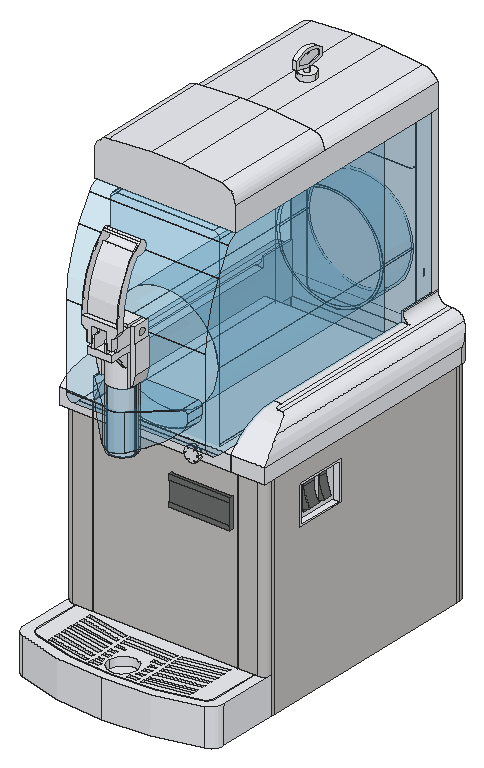
Revit family "QF_ELECTROLUXPROFESSIONAL_560097_SP1NewL", category Specialty Equipment, Revit 2018
Family settings
  Round Connector Dimension = Use Diameter
  Part Type = Normal
  Work Plane-Based = No
  Always vertical = Yes
  Cut with Voids When Loaded = No
  Shared = No
  Room Calculation Point = No
Parameters (values of type "Standard")
  Weight = 28.00 kg
  Watts = 0 W
  Volts = 220 V
  URL Manufacturer = "http://professional.electrolux.com"
  URL = "http://professional.electrolux.com"
  Steam Supply Size = 0 mm
  Steam Supply Minimum Pressure = 0.0 Pa
  Steam Supply Maximum Pressure = 0.0 Pa
  Steam Pounds per Hour = 0
  Refrigeration Suction Line Size = 0 mm
  Refrigeration Liquid Line Size = 0 mm
  Refrigerant Compressor Remote = yes
  Manufacturer = "Electrolux Professional"
  Phase = 1
  Model = "SP1NewL"
  Length Actual = 262 mm  # constant formula
  Item Number = "560097"
  Hot Water Size = 0 mm
  Height Actual = 613 mm  # constant formula
  HP = "0.4 HP"
  Gas Size = 0 mm
  Gas KW = 0
  Gas Input Pressure = 0 W
  Direct Waste Size = 0 mm
  Description = "1x5 LITERS BOWL - FROZEN GRANITA AND FROZEN CREAM DISPENSER -  1 INSULATED BOWL - LED LIGHT"
  Depth Actual = 429 mm  # constant formula
  Cycle = 50 Hz
  Condensate Return Size = 0 mm
  Compressed Air Volume = 0.0 L/s
  Compressed Air Size = 0 mm
  Compressed Air Pressure = 0.0 Pa
  Cold Water Size = 0 mm
  Accessory = yes
Reference planes
  plane 1 "Center (Front/Back)": y = 0
  plane 2 "BASE": z = 0
  plane 3 "Center (Left/Right)": x = 0
  plane 4 "FEET": z = 14
  plane 5 "BACK": y = 212
  plane 6 "LEFT": x = -131
  plane 7 "RIGHT": x = 131
  plane 8: y = 169
  plane 9: y = -118.5
  plane 10 "Erogatore": through (0, -232.305, 334.252) normal (0, -0.5736, 0.8192)
  plane 11: y = -81
  plane 12 "BackButton": z = 362.798
  plane 13 "SlopeBack": through (0, 294.5, 470.764) normal (0, 0.9659, 0.2588)
  plane 14 "TOP": z = 640
  plane 15 "FRONT": y = -216
Forms (mm)
  Extrusion 1, solid, material "QF_Finishes_Rubber Black"
    sketch origin (-29, 0, 0) x (1, 0, 0) y (0, 1, 0)
      loop
        circle (-71, 169) r 12.5
    from 0 to 3
  Blend 2, solid
    base sketch origin (-29, 0, 0) x (1, 0, 0) y (0, 1, 0)
      loop
        circle (-71, 169) r 15.5
    top sketch origin (-29, 0, 0) x (1, 0, 0) y (0, 1, 0)
      loop
        circle (-71, 169) r 17
    from 3 to 14
  Extrusion 3, solid, material "QF_Finishes_Rubber Black"
    sketch origin (171, 0, 0) x (1, 0, 0) y (0, 1, 0)
      loop
        circle (-71, 169) r 12.5
    from 0 to 3
  Blend 4, solid
    base sketch origin (171, 0, 0) x (1, 0, 0) y (0, 1, 0)
      loop
        circle (-71, 169) r 15.5
    top sketch origin (171, 0, 0) x (1, 0, 0) y (0, 1, 0)
      loop
        circle (-71, 169) r 17
    from 3 to 14
  Extrusion 5, solid, material "QF_Finishes_Rubber Black"
    sketch origin (171, -267.5, 0) x (1, 0, 0) y (0, 1, 0)
      loop
        circle (-71, 186.5) r 12.5
    from 0 to 3
  Blend 6, solid
    base sketch origin (171, -267.5, 0) x (1, 0, 0) y (0, 1, 0)
      loop
        circle (-71, 186.5) r 15.5
    top sketch origin (171, -267.5, 0) x (1, 0, 0) y (0, 1, 0)
      loop
        circle (-71, 186.5) r 17
    from 3 to 14
  Extrusion 7, solid, material "QF_Finishes_Rubber Black"
    sketch origin (-29, -267.5, 0) x (1, 0, 0) y (0, 1, 0)
      loop
        circle (-71, 186.5) r 12.5
    from 0 to 3
  Blend 8, solid
    base sketch origin (-29, -267.5, 0) x (1, 0, 0) y (0, 1, 0)
      loop
        circle (-71, 186.5) r 15.5
    top sketch origin (-29, -267.5, 0) x (1, 0, 0) y (0, 1, 0)
      loop
        circle (-71, 186.5) r 17
    from 3 to 14
  Extrusion 9, solid, material "Glass"
    sketch origin (0, 212, 0) x (-1, 0, 0) y (0, 0, 1)
      loop
        circle (0, 394.542) r 65
      loop
        circle (0, 394.542) r 68
    from -59.276 to -10
  Extrusion 10, solid, material "QF_Finishes_White"
    sketch origin (0.189, -212, -123.048) x (-1, 0, 0) y (0, 0, 1)
      loop
        line (41.631, 426.74) -> (42.799, 423.85)
        arc (42.799, 423.85) -> (41.998, 423.46) -> (41.26, 422.962) r 6.382
        line (41.26, 422.962) -> (39.342, 425.418)
        arc (39.342, 425.418) -> (36.964, 422.682) -> (35.784, 419.255) r 9.498
        line (35.784, 419.255) -> (38.87, 418.821)
        arc (38.87, 418.821) -> (38.808, 417.933) -> (38.87, 417.045) r 6.382
        line (38.87, 417.045) -> (35.784, 416.611)
        arc (35.784, 416.611) -> (36.964, 413.184) -> (39.342, 410.449) r 9.498
        line (39.342, 410.449) -> (41.26, 412.904)
        arc (41.26, 412.904) -> (41.998, 412.406) -> (42.799, 412.016) r 6.382
        line (42.799, 412.016) -> (41.631, 409.127)
        arc (41.631, 409.127) -> (45.189, 408.435) -> (48.747, 409.127) r 9.498
        line (48.747, 409.127) -> (47.58, 412.016)
        arc (47.58, 412.016) -> (48.38, 412.406) -> (49.118, 412.904) r 6.382
        line (49.118, 412.904) -> (51.037, 410.449)
        arc (51.037, 410.449) -> (53.415, 413.184) -> (54.595, 416.611) r 9.498
        line (54.595, 416.611) -> (51.509, 417.045)
        arc (51.509, 417.045) -> (51.571, 417.933) -> (51.509, 418.821) r 6.382
        line (51.509, 418.821) -> (54.595, 419.255)
        arc (54.595, 419.255) -> (53.415, 422.682) -> (51.037, 425.418) r 9.498
        line (51.037, 425.418) -> (49.118, 422.962)
        arc (49.118, 422.962) -> (48.38, 423.46) -> (47.58, 423.85) r 6.382
        line (47.58, 423.85) -> (48.747, 426.74)
        arc (48.747, 426.74) -> (45.189, 427.431) -> (41.631, 426.74) r 9.498
    from 86.951 to 91.847
  Extrusion 11, solid, material "QF_Finishes_White"
    sketch origin (0, 48.357, 801) x (-1, 0, 0) y (0, -1, 0)
      loop
        circle (0, 226.958) r 15.5
    from -371.98 to -493
  Extrusion 12, solid, material "Glass"
    sketch origin (0, 48.357, 801) x (-1, 0, 0) y (0, -1, 0)
      loop
        circle (0, 226.958) r 18
      loop
        circle (0, 226.958) r 16
    from -413.102 to -493
  Extrusion 13, solid, material "QF_Finishes_White"
    sketch origin (0, 48.357, 801) x (-1, 0, 0) y (0, -1, 0)
      loop
        arc (-15.227, 216.452) -> (0, 208.458) -> (15.227, 216.452) r 18.5
        line (15.227, 216.452) -> (15.227, 237.464)
        arc (15.227, 237.464) -> (0, 245.458) -> (-15.227, 237.464) r 18.5
        line (-15.227, 237.464) -> (-15.227, 216.452)
    from -371.98 to -413.102
  Extrusion 14, solid, material "QF_Finishes_White"
    sketch origin (0, 55.382, 805.556) x (-1, 0, 0) y (0, -1, 0)
      loop
        line (15.227, 271.382) -> (-15.227, 271.382) -> (-15.227, 213.658) -> (15.227, 213.658) -> (15.227, 271.382)
    from -368.017 to -376.536
  Extrusion 15, solid, material "QF_Finishes_White"
    sketch origin (0, 53.382, -125.444) x (0, 1, 0) y (0, 0, 1)
      loop
        line (-261.382, 594.51) -> (-261.382, 596.294)
        arc (-261.382, 596.294) -> (-255.05, 633.384) -> (-236.771, 666.272) r 111.793
        arc (-236.771, 666.272) -> (-224.219, 671.737) -> (-234.339, 680.956) r 8.155
        arc (-234.339, 680.956) -> (-260.275, 642.108) -> (-269.382, 596.294) r 119.793
        line (-269.382, 596.294) -> (-269.382, 594.51) -> (-261.382, 594.51)
    from 23.02 to -23.02
  Extrusion 16, void
    sketch origin (0, -212, -130.102) x (-1, 0, 0) y (0, 0, 1)
      loop
        line (-23.02, 594.51) -> (-23.02, 567.641) -> (-15.227, 567.641) -> (-15.227, 586.659)
        arc (-15.227, 586.659) -> (-20.449, 589.269) -> (-23.02, 594.51) r 9.122
      loop
        arc (23.02, 594.51) -> (20.449, 589.269) -> (15.227, 586.659) r 9.122
        line (15.227, 586.659) -> (15.227, 567.641) -> (23.02, 567.641) -> (23.02, 594.51)
      loop
        line (-10.018, 592.641) -> (-10.018, 567.641) -> (9.982, 567.641) -> (9.982, 592.641) -> (-10.018, 592.641)
    from 4 to -4
  Extrusion 17, void
    sketch origin (0, 53.382, -125.444) x (0, 1, 0) y (0, 0, 1)
      loop
        arc (-238.506, 676.569) -> (-261.397, 639.298) -> (-269.382, 596.294) r 119.793
        line (-269.382, 596.294) -> (-262.382, 596.294)
        arc (-262.382, 596.294) -> (-255.831, 634.173) -> (-236.94, 667.653) r 112.793
        arc (-236.94, 667.653) -> (-225.218, 674.307) -> (-238.506, 676.569) r 7.155
    from 22 to -22
  Extrusion 18, solid, material "QF_Finishes_White"
    sketch origin (-131, 53.382, -125.444) x (0, 1, 0) y (0, 0, 1)
      loop
        line (-261.382, 596.294) -> (-269.382, 596.294) -> (-269.382, 567.641) -> (-261.382, 567.641) -> (-261.382, 596.294)
    from 154.02 to 107.98
  Extrusion 19, solid, material "QF_Finishes_White"
    sketch origin (-131, 55.382, -130.102) x (0, 1, 0) y (0, 0, 1)
      loop
        line (-263.382, 567.641) -> (-223.382, 567.641) -> (-223.382, 587.641) -> (-256.513, 587.641)
        arc (-256.513, 587.641) -> (-261.37, 589.653) -> (-263.382, 594.51) r 6.869
        line (-263.382, 594.51) -> (-263.382, 567.641)
    from 115.773 to 107.98
  Extrusion 20, solid, material "QF_Finishes_White"
    sketch origin (-131, 55.382, -130.102) x (0, 1, 0) y (0, 0, 1)
      loop
        line (-263.382, 567.641) -> (-224.483, 567.641) -> (-224.483, 587.641) -> (-256.513, 587.641)
        arc (-256.513, 587.641) -> (-261.37, 589.653) -> (-263.382, 594.51) r 6.869
        line (-263.382, 594.51) -> (-263.382, 567.641)
    from 115.773 to 121.018
  Extrusion 21, solid, material "QF_Finishes_White"
    sketch origin (-131, 55.382, -125.444) x (0, 1, 0) y (0, 0, 1)
      loop
        line (-248.575, 539.464) -> (-246.902, 539.464) -> (-246.902, 554.464) -> (-261.615, 554.464) -> (-248.575, 539.464)
    from 115.773 to 118.85
  Extrusion 22, solid, material "QF_Finishes_White"
    sketch origin (-131, 55.382, -125.444) x (0, 1, 0) y (0, 0, 1)
      loop
        line (-246.902, 554.464) -> (-261.615, 554.464) -> (-248.575, 539.464) -> (-246.902, 539.464) -> (-246.902, 554.464)
    from 143.221 to 146.227
  Extrusion 23, solid, material "QF_Finishes_White"
    sketch origin (-131, 55.382, -125.444) x (0, 1, 0) y (0, 0, 1)
      loop
        line (-263.382, 562.983) -> (-224.483, 562.983) -> (-224.483, 582.983) -> (-256.513, 582.983)
        arc (-256.513, 582.983) -> (-261.37, 584.995) -> (-263.382, 589.852) r 6.869
        line (-263.382, 589.852) -> (-263.382, 562.983)
    from 141.018 to 146.227
  Extrusion 24, solid, material "QF_Finishes_White"
    sketch origin (-131, 53.382, -130.102) x (0, 1, 0) y (0, 0, 1)
      loop
        line (-269.382, 567.641) -> (-221.382, 567.641) -> (-221.382, 586.659) -> (-258.382, 586.659)
        arc (-258.382, 586.659) -> (-260.503, 585.78) -> (-261.382, 583.659) r 3
        line (-261.382, 583.659) -> (-261.382, 582.15) -> (-266.382, 582.15)
        arc (-266.382, 582.15) -> (-268.503, 581.271) -> (-269.382, 579.15) r 3
        line (-269.382, 579.15) -> (-269.382, 567.641)
    from 124.546 to 121.018
  Extrusion 25, solid, material "QF_Finishes_White"
    sketch origin (-131, 65.803, -125.444) x (0, 1, 0) y (0, 0, 1)
      loop
        line (-281.803, 562.983) -> (-234.904, 562.983) -> (-234.904, 582.001) -> (-270.803, 582.001)
        arc (-270.803, 582.001) -> (-272.924, 581.122) -> (-273.803, 579.001) r 3
        line (-273.803, 579.001) -> (-273.803, 577.492) -> (-278.803, 577.492)
        arc (-278.803, 577.492) -> (-280.924, 576.613) -> (-281.803, 574.492) r 3
        line (-281.803, 574.492) -> (-281.803, 562.983)
    from 137.49 to 141.018
  Extrusion 26, solid, material "QF_Finishes_White"
    sketch origin (0, -212, -125.444) x (-1, 0, 0) y (0, 0, 1)
      loop
        line (-18, 517.898) -> (-18, 586.659) -> (-23.482, 586.659) -> (-23.482, 567.641) -> (-24.969, 567.641) -> (-24.969, 530.88) -> (-21, 517.898) -> (-18, 517.898)
      loop
        line (18, 517.898) -> (21, 517.898) -> (24.969, 530.88) -> (24.969, 567.641) -> (23.482, 567.641) -> (23.482, 586.659) -> (18, 586.659) -> (18, 517.898)
    from 43.905 to 22.893
  Extrusion 27, solid, material "QF_Finishes_White"
    sketch origin (0, 65.803, 805.556) x (-1, 0, 0) y (0, -1, 0)
      loop
        line (-15.227, 254.91) -> (-15.227, 233.898) -> (15.227, 233.898) -> (15.227, 254.91) -> (-15.227, 254.91)
    from -344.341 to -348.017
  Extrusion 28, void
    sketch origin (0, 56.778, -130) x (0, 1, 0) y (0, 0, 1)
      loop
        circle (-234.353, 582.005) r 3.978
    from 24.969 to -24.969
  Extrusion 29, solid, material "QF_Finishes_Stainless Steel"
    sketch origin (0, 56.226, -130) x (0, 1, 0) y (0, 0, 1)
      loop
        circle (-234.353, 582.005) r 3.978
    from 24 to -24
  Extrusion 30, solid, material "QF_Finishes_Stainless Steel"
    sketch origin (140, 25, 14) x (-1, 0, 0) y (0, -1, 0)
      loop
        circle (71, 81) r 10
    from 0 to -10
  Extrusion 31, void
    sketch origin (0, 240.916, -140) x (0, 0, 1) y (-1, 0, 0)
      loop
        line (496.312, -81.169) -> (519.521, -81.169)
        arc (519.521, -81.169) -> (523.021, -77.669) -> (519.521, -74.169) r 3.5
        line (519.521, -74.169) -> (496.312, -74.169)
        arc (496.312, -74.169) -> (492.812, -77.669) -> (496.312, -81.169) r 3.5
    from 28.916 to 38.079
  Extrusion 32, solid, material "QF_Finishes_Red"
    sketch origin (0, 240.916, -140) x (0, 0, 1) y (-1, 0, 0)
      loop
        line (507.945, -79.669) -> (517.521, -79.669) -> (517.521, -75.669) -> (507.945, -75.669) -> (507.945, -79.669)
    from 32.664 to 38.079
  Extrusion 33, solid, material "QF_Finishes_Stainless Steel"
    sketch origin (131, 0, 0) x (0, -1, 0) y (0, 0, 1)
      loop
        line (-195.256, 14) -> (96.764, 14) -> (96.764, 286) -> (-195.256, 286) -> (-195.256, 14)
      loop
        line (55.71, 260.287) -> (-9.29, 260.287) -> (-9.29, 210.287) -> (55.71, 210.287) -> (55.71, 260.287)
    from 6 to 3
  Extrusion 34, solid, material "QF_Finishes_Stainless Steel"
    sketch origin (-133, 0, 0) x (0, -1, 0) y (0, 0, -1)
      loop
        line (-195.256, -14) -> (-195.256, -286) -> (96.764, -286) -> (96.764, -14) -> (-195.256, -14)
    from 8 to 5
  Extrusion 35, solid, material "QF_Finishes_Stainless Steel"
    sketch origin (0, 0, 14) x (-1, 0, 0) y (0, -1, 0)
      loop
        line (-128, 100.829) -> (-128, 96.764) -> (-125, 96.764) -> (-125, 100.829)
        arc (-125, 100.829) -> (-122.95, 105.778) -> (-118, 107.829) r 7
        line (-118, 107.829) -> (-93.157, 107.829) -> (-93.157, 110.829) -> (-118, 110.829)
        arc (-118, 110.829) -> (-125.071, 107.9) -> (-128, 100.829) r 10
    from 0 to 272
  Extrusion 36, solid, material "QF_Finishes_Stainless Steel"
    sketch origin (0, 0, 14) x (1, 0, 0) y (0, 1, 0)
      loop
        arc (-128, -100.829) -> (-125.071, -107.9) -> (-118, -110.829) r 10
        line (-118, -110.829) -> (-93.157, -110.829) -> (-93.157, -107.829) -> (-118, -107.829)
        arc (-118, -107.829) -> (-122.95, -105.778) -> (-125, -100.829) r 7
        line (-125, -100.829) -> (-125, -96.764) -> (-128, -96.764) -> (-128, -100.829)
    from 0 to 272
  Extrusion 37, solid, material "QF_Finishes_Stainless Steel"
    sketch origin (0, 98.492, 14) x (-1, 0, 0) y (0, -1, 0)
      loop
        arc (-128, -100.829) -> (-125.071, -107.9) -> (-118, -110.829) r 10
        line (-118, -110.829) -> (-93.157, -110.829) -> (-93.157, -107.829) -> (-118, -107.829)
        arc (-118, -107.829) -> (-122.95, -105.778) -> (-125, -100.829) r 7
        line (-125, -100.829) -> (-125, -96.764) -> (-128, -96.764) -> (-128, -100.829)
    from 0 to 272
  Extrusion 38, solid, material "QF_Finishes_Stainless Steel"
    sketch origin (0, 98.492, 14) x (1, 0, 0) y (0, 1, 0)
      loop
        line (-128, 100.829) -> (-128, 96.764) -> (-125, 96.764) -> (-125, 100.829)
        arc (-125, 100.829) -> (-122.95, 105.778) -> (-118, 107.829) r 7
        line (-118, 107.829) -> (-93.157, 107.829) -> (-93.157, 110.829) -> (-118, 110.829)
        arc (-118, 110.829) -> (-125.071, 107.9) -> (-128, 100.829) r 10
    from 0 to 272
  Extrusion 39, solid, material "QF_Finishes_White"
    sketch origin (0, 0, 14) x (-1, 0, 0) y (0, -1, 0)
      loop
        line (93.157, -209.321) -> (93.157, -206.321) -> (-93.157, -206.321) -> (-93.157, -209.321) -> (93.157, -209.321)
    from 0 to 272
  Extrusion 40, solid, material "QF_Finishes_Stainless Steel"
    sketch origin (0, 0, 14) x (-1, 0, 0) y (0, -1, 0)
      loop
        line (93.157, 107.829) -> (93.157, 110.829) -> (-93.157, 110.829) -> (-93.157, 107.829) -> (93.157, 107.829)
    from 0 to 272
  Extrusion 41, solid, material "QF_Finishes_White"
    sketch origin (0, 212, 0) x (-1, 0, 0) y (0, 0, 1)
      loop
        line (-88, 286) -> (-88, 351) -> (-90.028, 351) -> (-90.028, 349.598)
        arc (-90.028, 349.598) -> (-93.627, 340.909) -> (-102.317, 337.309) r 12.289
        line (-102.317, 337.309) -> (-109.296, 337.309)
        arc (-109.296, 337.309) -> (-117.695, 334.961) -> (-123.658, 328.597) r 16.194
        arc (-123.658, 328.597) -> (-129.118, 317.88) -> (-131, 306) r 38.445
        line (-131, 306) -> (-131, 286) -> (-88, 286)
      loop
        line (88, 286) -> (131, 286) -> (131, 306)
        arc (131, 306) -> (129.118, 317.88) -> (123.658, 328.597) r 38.445
        arc (123.658, 328.597) -> (117.695, 334.961) -> (109.296, 337.309) r 16.194
        line (109.296, 337.309) -> (102.317, 337.309)
        arc (102.317, 337.309) -> (93.627, 340.909) -> (90.028, 349.598) r 12.289
        line (90.028, 349.598) -> (90.028, 351) -> (88, 351) -> (88, 286)
    from 0 to -327.977
  Extrusion 42, void
    sketch origin (0, 0, 0) x (0, 1, 0) y (0, 0, 1)
      loop
        line (157, 351) -> (-115.977, 351) -> (-115.977, 306)
        arc (-115.977, 306) -> (-85.566, 329.6) -> (-48, 338) r 88.201
        line (-48, 338) -> (157, 338) -> (157, 351)
    from -135 to 135
  Extrusion 43, solid, material "Glass"
    sketch origin (0, 212, 0) x (-1, 0, 0) y (0, 0, 1)
      loop
        circle (0, 394.542) r 68
      loop
        line (69.972, 309) -> (69.972, 543)
        arc (69.972, 543) -> (67.629, 548.657) -> (61.972, 551) r 8
        line (61.972, 551) -> (-62.028, 551)
        arc (-62.028, 551) -> (-67.685, 548.657) -> (-70.028, 543) r 8
        line (-70.028, 543) -> (-70.028, 308.956)
        arc (-70.028, 308.956) -> (-67.698, 303.33) -> (-62.072, 301) r 7.956
        line (-62.072, 301) -> (61.972, 301)
        arc (61.972, 301) -> (67.629, 303.343) -> (69.972, 309) r 8
    from -59.276 to -322.829
  Extrusion 44, solid, material "QF_Finishes_White"
    sketch origin (0, 212, 0) x (-1, 0, 0) y (0, 0, 1)
      loop
        line (90.028, 558.048) -> (90.028, 589.456)
        arc (90.028, 589.456) -> (84.981, 602.738) -> (72.387, 609.316) r 20
        arc (72.387, 609.316) -> (44.744, 611.967) -> (17.01, 613.364) r 613.713
        arc (17.01, 613.364) -> (-1.88, 613.597) -> (-20.769, 613.248) r 613.713
        arc (-20.769, 613.248) -> (-46.619, 611.827) -> (-72.387, 609.316) r 613.713
        arc (-72.387, 609.316) -> (-84.981, 602.738) -> (-90.028, 589.456) r 20
        line (-90.028, 589.456) -> (-90.028, 558.048) -> (90.028, 558.048)
    from -323 to 0
  Extrusion 45, solid, material "QF_Finishes_White"
    sketch origin (0, -212, 0) x (-1, 0, 0) y (0, 0, 1)
      loop
        line (88, 306) -> (-88, 306) -> (-88, 286) -> (88, 286) -> (88, 306)
    from 96.023 to 369
  Extrusion 46, solid, material "QF_Finishes_White"
    sketch origin (-0.189, -212, -123.048) x (1, 0, 0) y (0, 0, -1)
      loop
        arc (41.631, -426.74) -> (45.189, -427.431) -> (48.747, -426.74) r 9.498
        line (48.747, -426.74) -> (47.58, -423.85)
        arc (47.58, -423.85) -> (48.38, -423.46) -> (49.118, -422.962) r 6.382
        line (49.118, -422.962) -> (51.037, -425.418)
        arc (51.037, -425.418) -> (53.415, -422.682) -> (54.595, -419.255) r 9.498
        line (54.595, -419.255) -> (51.509, -418.821)
        arc (51.509, -418.821) -> (51.571, -417.933) -> (51.509, -417.045) r 6.382
        line (51.509, -417.045) -> (54.595, -416.611)
        arc (54.595, -416.611) -> (53.415, -413.184) -> (51.037, -410.449) r 9.498
        line (51.037, -410.449) -> (49.118, -412.904)
        arc (49.118, -412.904) -> (48.38, -412.406) -> (47.58, -412.016) r 6.382
        line (47.58, -412.016) -> (48.747, -409.127)
        arc (48.747, -409.127) -> (45.189, -408.435) -> (41.631, -409.127) r 9.498
        line (41.631, -409.127) -> (42.799, -412.016)
        arc (42.799, -412.016) -> (41.998, -412.406) -> (41.26, -412.904) r 6.382
        line (41.26, -412.904) -> (39.342, -410.449)
        arc (39.342, -410.449) -> (36.964, -413.184) -> (35.784, -416.611) r 9.498
        line (35.784, -416.611) -> (38.87, -417.045)
        arc (38.87, -417.045) -> (38.808, -417.933) -> (38.87, -418.821) r 6.382
        line (38.87, -418.821) -> (35.784, -419.255)
        arc (35.784, -419.255) -> (36.964, -422.682) -> (39.342, -425.418) r 9.498
        line (39.342, -425.418) -> (41.26, -422.962)
        arc (41.26, -422.962) -> (41.998, -423.46) -> (42.799, -423.85) r 6.382
        line (42.799, -423.85) -> (41.631, -426.74)
    from 86.951 to 91.847
  Extrusion 47, solid, material "QF_Finishes_Rubber Black"
    sketch origin (0, 0, 0) x (0, 1, 0) y (0, 0, 1)
      loop
        line (-110.829, 255.595) -> (-115.977, 255.595) -> (-115.977, 249.595) -> (-115.179, 249.595) -> (-115.179, 223.805) -> (-115.977, 223.805) -> (-115.977, 217.805) -> (-110.829, 217.805) -> (-110.829, 255.595)
    from 8.945 to 86.168
  Extrusion 48, solid, material "QF_Finishes_White"
    sketch origin (0, 0, 14) x (-1, 0, 0) y (0, -1, 0)
      loop
        line (128, 100.829) -> (128, 176.764)
        arc (128, 176.764) -> (124.847, 186.764) -> (116.528, 193.147) r 17.434
        arc (116.528, 193.147) -> (59.156, 208.086) -> (0, 212) r 314.7
        arc (0, 212) -> (-59.156, 208.086) -> (-116.528, 193.147) r 314.7
        arc (-116.528, 193.147) -> (-124.847, 186.764) -> (-128, 176.764) r 17.434
        line (-128, 176.764) -> (-128, 100.829)
        arc (-128, 100.829) -> (-125.071, 107.9) -> (-118, 110.829) r 10
        line (-118, 110.829) -> (-114, 110.829) -> (-114, 172.813)
        arc (-114, 172.813) -> (-111.75, 179.808) -> (-105.843, 184.18) r 12
        arc (-105.843, 184.18) -> (-53.626, 196.802) -> (0, 199.995) r 302.7
        arc (0, 199.995) -> (53.626, 196.802) -> (105.843, 184.18) r 302.7
        arc (105.843, 184.18) -> (111.75, 179.808) -> (114, 172.813) r 12
        line (114, 172.813) -> (114, 110.829) -> (118, 110.829)
        arc (118, 110.829) -> (125.071, 107.9) -> (128, 100.829) r 10
    from 0 to 47
  Extrusion 49, solid, material "QF_Finishes_White"
    sketch origin (0, 0, 14) x (-1, 0, 0) y (0, -1, 0)
      loop
        arc (114, 172.813) -> (111.75, 179.808) -> (105.843, 184.18) r 12
        arc (105.843, 184.18) -> (53.626, 196.802) -> (0, 199.995) r 302.7
        arc (0, 199.995) -> (-53.626, 196.802) -> (-105.843, 184.18) r 302.7
        arc (-105.843, 184.18) -> (-111.75, 179.808) -> (-114, 172.813) r 12
        line (-114, 172.813) -> (-114, 110.829) -> (114, 110.829) -> (114, 172.813)
    from 36.6 to 47
  Extrusion 50, solid, material "QF_Finishes_White"
    sketch origin (0, 0, 14) x (-1, 0, 0) y (0, -1, 0)
      loop
        arc (114, 172.813) -> (111.75, 179.808) -> (105.843, 184.18) r 12
        arc (105.843, 184.18) -> (53.626, 196.802) -> (0, 199.995) r 302.7
        arc (0, 199.995) -> (-53.626, 196.802) -> (-105.843, 184.18) r 302.7
        arc (-105.843, 184.18) -> (-111.75, 179.808) -> (-114, 172.813) r 12
        line (-114, 172.813) -> (-114, 110.829) -> (114, 110.829) -> (114, 172.813)
    from 0 to 10
  Extrusion 51, void
    sketch origin (0, 0, 14) x (-1, 0, 0) y (0, -1, 0)
      loop
        circle (0, 178.601) r 18.039
      loop
        line (35.093, 193.971) -> (35.093, 188.951)
        arc (35.093, 188.951) -> (62.934, 185.094) -> (90.277, 178.584) r 292.7
        line (90.277, 178.584) -> (90.277, 183.786)
        arc (90.277, 183.786) -> (62.925, 190.182) -> (35.093, 193.971) r 297.7
      loop
        line (35.093, 183.971) -> (35.093, 178.951)
        arc (35.093, 178.951) -> (62.934, 175.094) -> (90.277, 168.584) r 292.7
        line (90.277, 168.584) -> (90.277, 173.786)
        arc (90.277, 173.786) -> (62.925, 180.182) -> (35.093, 183.971) r 297.7
      loop
        line (35.093, 173.971) -> (35.093, 168.951)
        arc (35.093, 168.951) -> (62.934, 165.094) -> (90.277, 158.584) r 292.7
        line (90.277, 158.584) -> (90.277, 163.786)
        arc (90.277, 163.786) -> (62.925, 170.182) -> (35.093, 173.971) r 297.7
      loop
        line (35.093, 163.971) -> (35.093, 158.951)
        arc (35.093, 158.951) -> (62.934, 155.094) -> (90.277, 148.584) r 292.7
        line (90.277, 148.584) -> (90.277, 153.786)
        arc (90.277, 153.786) -> (62.925, 160.182) -> (35.093, 163.971) r 297.7
      loop
        line (35.093, 153.971) -> (35.093, 148.951)
        arc (35.093, 148.951) -> (62.934, 145.094) -> (90.277, 138.584) r 292.7
        line (90.277, 138.584) -> (90.277, 143.786)
        arc (90.277, 143.786) -> (62.925, 150.182) -> (35.093, 153.971) r 297.7
      loop
        line (35.093, 143.971) -> (35.093, 138.951)
        arc (35.093, 138.951) -> (62.934, 135.094) -> (90.277, 128.584) r 292.7
        line (90.277, 128.584) -> (90.277, 133.786)
        arc (90.277, 133.786) -> (62.925, 140.182) -> (35.093, 143.971) r 297.7
      loop
        line (35.093, 133.971) -> (35.093, 128.951)
        arc (35.093, 128.951) -> (62.934, 125.094) -> (90.277, 118.584) r 292.7
        line (90.277, 118.584) -> (90.277, 123.786)
        arc (90.277, 123.786) -> (62.925, 130.182) -> (35.093, 133.971) r 297.7
      loop
        arc (-35.093, 193.971) -> (-62.925, 190.182) -> (-90.277, 183.786) r 297.7
        line (-90.277, 183.786) -> (-90.277, 178.584)
        arc (-90.277, 178.584) -> (-62.934, 185.094) -> (-35.093, 188.951) r 292.7
        line (-35.093, 188.951) -> (-35.093, 193.971)
      loop
        arc (-35.093, 183.971) -> (-62.925, 180.182) -> (-90.277, 173.786) r 297.7
        line (-90.277, 173.786) -> (-90.277, 168.584)
        arc (-90.277, 168.584) -> (-62.934, 175.094) -> (-35.093, 178.951) r 292.7
        line (-35.093, 178.951) -> (-35.093, 183.971)
      loop
        arc (-35.093, 173.971) -> (-62.925, 170.182) -> (-90.277, 163.786) r 297.7
        line (-90.277, 163.786) -> (-90.277, 158.584)
        arc (-90.277, 158.584) -> (-62.934, 165.094) -> (-35.093, 168.951) r 292.7
        line (-35.093, 168.951) -> (-35.093, 173.971)
      loop
        arc (-35.093, 163.971) -> (-62.925, 160.182) -> (-90.277, 153.786) r 297.7
        line (-90.277, 153.786) -> (-90.277, 148.584)
        arc (-90.277, 148.584) -> (-62.934, 155.094) -> (-35.093, 158.951) r 292.7
        line (-35.093, 158.951) -> (-35.093, 163.971)
      loop
        arc (-35.093, 153.971) -> (-62.925, 150.182) -> (-90.277, 143.786) r 297.7
        line (-90.277, 143.786) -> (-90.277, 138.584)
        arc (-90.277, 138.584) -> (-62.934, 145.094) -> (-35.093, 148.951) r 292.7
        line (-35.093, 148.951) -> (-35.093, 153.971)
      loop
        arc (-35.093, 143.971) -> (-62.925, 140.182) -> (-90.277, 133.786) r 297.7
        line (-90.277, 133.786) -> (-90.277, 128.584)
        arc (-90.277, 128.584) -> (-62.934, 135.094) -> (-35.093, 138.951) r 292.7
        line (-35.093, 138.951) -> (-35.093, 143.971)
      loop
        arc (-35.093, 133.971) -> (-62.925, 130.182) -> (-90.277, 123.786) r 297.7
        line (-90.277, 123.786) -> (-90.277, 118.584)
        arc (-90.277, 118.584) -> (-62.934, 125.094) -> (-35.093, 128.951) r 292.7
        line (-35.093, 128.951) -> (-35.093, 133.971)
      loop
        arc (30.3, 194.288) -> (24.151, 194.546) -> (18, 194.745) r 649.216
        line (18, 194.745) -> (18, 189.743)
        arc (18, 189.743) -> (24.151, 189.542) -> (30.3, 189.282) r 644.216
        line (30.3, 189.282) -> (30.3, 194.288)
      loop
        line (-30.3, 194.288) -> (-30.3, 189.282)
        arc (-30.3, 189.282) -> (-24.151, 189.542) -> (-18, 189.743) r 644.216
        line (-18, 189.743) -> (-18, 194.745)
        arc (-18, 194.745) -> (-24.151, 194.546) -> (-30.3, 194.288) r 649.216
      loop
        arc (30.3, 184.288) -> (25.651, 184.488) -> (21, 184.655) r 649.216
        line (21, 184.655) -> (21, 179.653)
        arc (21, 179.653) -> (25.651, 179.484) -> (30.3, 179.282) r 644.216
        line (30.3, 179.282) -> (30.3, 184.288)
      loop
        arc (30.3, 174.288) -> (25.651, 174.488) -> (21, 174.655) r 649.216
        line (21, 174.655) -> (21, 169.653)
        arc (21, 169.653) -> (25.651, 169.484) -> (30.3, 169.282) r 644.216
        line (30.3, 169.282) -> (30.3, 174.288)
      loop
        arc (30.3, 164.288) -> (25.651, 164.488) -> (21, 164.655) r 649.216
        line (21, 164.655) -> (21, 159.653)
        arc (21, 159.653) -> (25.651, 159.484) -> (30.3, 159.282) r 644.216
        line (30.3, 159.282) -> (30.3, 164.288)
      loop
        arc (30.3, 154.288) -> (23.411, 154.573) -> (16.519, 154.785) r 649.216
        line (16.519, 154.785) -> (16.519, 149.783)
        arc (16.519, 149.783) -> (23.411, 149.569) -> (30.3, 149.282) r 644.216
        line (30.3, 149.282) -> (30.3, 154.288)
      loop
        arc (30.3, 144.288) -> (0, 144.995) -> (-30.3, 144.288) r 649.216
        line (-30.3, 144.288) -> (-30.3, 139.282)
        arc (-30.3, 139.282) -> (0, 139.995) -> (30.3, 139.282) r 644.216
        line (30.3, 139.282) -> (30.3, 144.288)
      loop
        arc (30.3, 134.288) -> (0, 134.995) -> (-30.3, 134.288) r 649.216
        line (-30.3, 134.288) -> (-30.3, 129.282)
        arc (-30.3, 129.282) -> (0, 129.995) -> (30.3, 129.282) r 644.216
        line (30.3, 129.282) -> (30.3, 134.288)
      loop
        line (-30.3, 184.288) -> (-30.3, 179.282)
        arc (-30.3, 179.282) -> (-25.651, 179.484) -> (-21, 179.653) r 644.216
        line (-21, 179.653) -> (-21, 184.655)
        arc (-21, 184.655) -> (-25.651, 184.488) -> (-30.3, 184.288) r 649.216
      loop
        line (-30.3, 174.288) -> (-30.3, 169.282)
        arc (-30.3, 169.282) -> (-25.651, 169.484) -> (-21, 169.653) r 644.216
        line (-21, 169.653) -> (-21, 174.655)
        arc (-21, 174.655) -> (-25.651, 174.488) -> (-30.3, 174.288) r 649.216
      loop
        line (-30.3, 164.288) -> (-30.3, 159.282)
        arc (-30.3, 159.282) -> (-25.651, 159.484) -> (-21, 159.653) r 644.216
        line (-21, 159.653) -> (-21, 164.655)
        arc (-21, 164.655) -> (-25.651, 164.488) -> (-30.3, 164.288) r 649.216
      loop
        line (-30.3, 154.288) -> (-30.3, 149.282)
        arc (-30.3, 149.282) -> (-23.411, 149.569) -> (-16.519, 149.783) r 644.216
        line (-16.519, 149.783) -> (-16.519, 154.785)
        arc (-16.519, 154.785) -> (-23.411, 154.573) -> (-30.3, 154.288) r 649.216
    from 31.525 to 49.806
  Extrusion 52, solid, material "QF_Finishes_White"
    sketch origin (0, 0, 0) x (0, 1, 0) y (0, 0, 1)
      loop
        line (-55.71, 260.287) -> (-55.71, 210.287) -> (9.29, 210.287) -> (9.29, 260.287) -> (-55.71, 260.287)
    from 118 to 128
  Extrusion 53, void
    sketch origin (0, 0, 0) x (0, 1, 0) y (0, 0, 1)
      loop
        line (-53.71, 258.287) -> (-53.71, 212.287) -> (7.29, 212.287) -> (7.29, 258.287) -> (-53.71, 258.287)
    from 120 to 128
  Extrusion 54, solid, material "QF_Finishes_Rubber Black"
    sketch origin (0, -212, 0) x (-1, 0, 0) y (0, 0, 1)
      loop
        line (-120, 252.561) -> (-122.245, 252.561) -> (-122.245, 249.661)
        arc (-122.245, 249.661) -> (-124.002, 237.136) -> (-129.137, 225.577) r 45.529
        line (-129.137, 225.577) -> (-122.245, 222.509) -> (-122.245, 220.4) -> (-120, 220.4) -> (-120, 252.561)
    from 185 to 170
  Extrusion 55, solid, material "QF_Finishes_Rubber Black"
    sketch origin (0, -212, 0) x (-1, 0, 0) y (0, 0, 1)
      loop
        line (-120, 252.561) -> (-122.245, 252.561) -> (-122.245, 249.661)
        arc (-122.245, 249.661) -> (-124.002, 237.136) -> (-129.137, 225.577) r 45.529
        line (-129.137, 225.577) -> (-122.245, 222.509) -> (-122.245, 220.4) -> (-120, 220.4) -> (-120, 252.561)
    from 205 to 195
  Extrusion 56, solid, material "QF_Finishes_White"
    sketch origin (-131, 55.382, -125.444) x (0, 1, 0) y (0, 0, 1)
      loop
        line (-261.615, 554.464) -> (-248.575, 539.464) -> (-246.902, 539.464) -> (-246.902, 554.464) -> (-261.615, 554.464)
    from 143.221 to 146.227
  Extrusion 57, void
    sketch origin (0, 0, 14) x (-1, 0, 0) y (0, -1, 0)
      loop
        line (68.799, 141.983) -> (68.799, 216) -> (-68.799, 216) -> (-68.799, 141.983) -> (-14.053, 193.527)
        arc (-14.053, 193.527) -> (0, 199.101) -> (14.053, 193.527) r 20.5
        line (14.053, 193.527) -> (68.799, 141.983)
    from 285.914 to 353.792
  Extrusion 58, solid, material "Glass"
    sketch origin (0, -212, 0) x (-1, 0, 0) y (0, 0, 1)
      loop
        line (55, 361.368) -> (-55, 361.368)
        arc (-55, 361.368) -> (-58.536, 359.903) -> (-60, 356.368) r 5
        line (-60, 356.368) -> (-60, 346.588)
        arc (-60, 346.588) -> (-58.765, 340.628) -> (-55.264, 335.649) r 15
        arc (-55.264, 335.649) -> (0, 313.78) -> (55.264, 335.649) r 80.762
        arc (55.264, 335.649) -> (58.765, 340.628) -> (60, 346.588) r 15
        line (60, 346.588) -> (60, 356.368)
        arc (60, 356.368) -> (58.536, 359.903) -> (55, 361.368) r 5
    from 85.6 to 6.421
  Extrusion 59, solid, material "QF_Finishes_White"
    sketch origin (0.031, 16.704, -263) x (0, 1, 0) y (0, 0, 1)
      loop
        line (99.092, 881.377) -> (118.655, 885.535) -> (118.655, 895.535)
        arc (118.655, 895.535) -> (99.092, 903) -> (79.529, 895.535) r 29.367
        line (79.529, 895.535) -> (79.529, 885.535) -> (99.092, 881.377)
      loop
        arc (115.655, 894.149) -> (99.092, 900) -> (82.529, 894.149) r 26.367
        line (82.529, 894.149) -> (82.529, 887.965) -> (99.092, 884.444) -> (115.655, 887.965) -> (115.655, 894.149)
    from -3 to 3
  Extrusion 60, solid, material "QF_Finishes_White"
    sketch origin (0.031, 16.704, -263) x (0, 1, 0) y (0, 0, 1)
      loop
        line (115.655, 887.965) -> (115.655, 894.149)
        arc (115.655, 894.149) -> (99.092, 900) -> (82.529, 894.149) r 26.367
        line (82.529, 894.149) -> (82.529, 887.965) -> (99.092, 884.444) -> (115.655, 887.965)
      loop
        circle (99.092, 896.274) r 2.509
    from 1 to -1
  Extrusion 61, solid, material "QF_Finishes_White"
    sketch origin (0.031, 16.704, 667) x (-1, 0, 0) y (0, -1, 0)
      loop
        circle (0, -99.092) r 3
    from -45.737 to -54.525
  Extrusion 62, solid, material "QF_Finishes_White"
    sketch origin (0, -70, 0) x (1, 0, 0) y (0, 1, 0)
      loop
        circle (0.031, 185.796) r 11
    from 606 to 613
  Extrusion 63, solid, material "QF_Clearances", detail levels coarse
    sketch origin (-99.19, 2.341, 0) x (1, 0, 0) y (0, 1, 0)
      loop
        line (-31.81, -218.341) -> (-31.81, 209.659) -> (230.19, 209.659) -> (230.19, -218.341) -> (430.19, -218.341) -> (430.19, 409.659) -> (-231.81, 409.659) -> (-231.81, -218.341) -> (-31.81, -218.341)
    from 0 to 640
  Extrusion 64, solid, material "Glass"
    sketch origin (0, 0, 0) x (0, 1, 0) y (0, 0, 1)
      loop
        arc (-158.276, 334.912) -> (-152.418, 320.769) -> (-138.276, 314.912) r 20
        line (-138.276, 314.912) -> (202, 314.912) -> (202, 558.048) -> (-103.948, 558.048)
        arc (-103.948, 558.048) -> (-114.098, 555.281) -> (-121.44, 547.744) r 20
        line (-121.44, 547.744) -> (-138.215, 517.481)
        arc (-138.215, 517.481) -> (-153.18, 479.972) -> (-158.276, 439.912) r 160
        line (-158.276, 439.912) -> (-158.276, 334.912)
    from -88 to 90.028
  Extrusion 65, void
    sketch origin (0, -212, 0) x (-1, 0, 0) y (0, 0, 1)
      loop
        arc (72.387, 609.316) -> (44.744, 611.967) -> (17.01, 613.364) r 613.713
        arc (17.01, 613.364) -> (-1.88, 613.597) -> (-20.769, 613.248) r 613.713
        arc (-20.769, 613.248) -> (-46.619, 611.827) -> (-72.387, 609.316) r 613.713
        arc (-72.387, 609.316) -> (-84.981, 602.738) -> (-90.028, 589.456) r 20
        arc (-90.028, 589.456) -> (-82.37, 598.235) -> (-71.481, 602.374) r 24
        arc (-71.481, 602.374) -> (-46.047, 604.85) -> (-20.532, 606.252) r 606.713
        arc (-20.532, 606.252) -> (-1.859, 606.597) -> (16.816, 606.367) r 606.713
        arc (16.816, 606.367) -> (44.194, 604.988) -> (71.481, 602.374) r 606.713
        arc (71.481, 602.374) -> (82.37, 598.235) -> (90.028, 589.456) r 24
        arc (90.028, 589.456) -> (84.981, 602.738) -> (72.387, 609.316) r 20
    from 242.859 to 424
  Extrusion 66, solid, material "QF_Finishes_White"
    sketch origin (0, 212, 0) x (-1, 0, 0) y (0, 0, 1)
      loop
        line (-90.028, 558.048) -> (-90.028, 351) -> (-88, 351) -> (-88, 286) -> (88, 286) -> (88, 351) -> (90.028, 351) -> (90.028, 558.048) -> (-90.028, 558.048)
      loop
        arc (61.972, 301) -> (67.629, 303.343) -> (69.972, 309) r 8
        line (69.972, 309) -> (69.972, 543)
        arc (69.972, 543) -> (67.629, 548.657) -> (61.972, 551) r 8
        line (61.972, 551) -> (-62.028, 551)
        arc (-62.028, 551) -> (-67.685, 548.657) -> (-70.028, 543) r 8
        line (-70.028, 543) -> (-70.028, 308.956)
        arc (-70.028, 308.956) -> (-67.698, 303.33) -> (-62.072, 301) r 7.956
        line (-62.072, 301) -> (61.972, 301)
    from 0 to -10
  Extrusion 67, solid, material "QF_Finishes_White"
    sketch origin (0, 212, 0) x (-1, 0, 0) y (0, 0, 1)
      loop
        arc (-70.028, 308.956) -> (-67.698, 303.33) -> (-62.072, 301) r 7.956
        line (-62.072, 301) -> (61.972, 301)
        arc (61.972, 301) -> (67.629, 303.343) -> (69.972, 309) r 8
        line (69.972, 309) -> (69.972, 493.849)
        arc (69.972, 493.849) -> (67.629, 488.193) -> (61.972, 485.849) r 8
        line (61.972, 485.849) -> (-62.028, 485.849)
        arc (-62.028, 485.849) -> (-67.685, 488.193) -> (-70.028, 493.849) r 8
        line (-70.028, 493.849) -> (-70.028, 308.956)
    from 0 to -10
  Extrusion 68, solid, material "QF_Finishes_White"
    sketch origin (0, 212, 0) x (-1, 0, 0) y (0, 0, 1)
      loop
        line (-70.028, 543) -> (-70.028, 493.849)
        arc (-70.028, 493.849) -> (-67.685, 488.193) -> (-62.028, 485.849) r 8
        line (-62.028, 485.849) -> (61.972, 485.849)
        arc (61.972, 485.849) -> (67.629, 488.193) -> (69.972, 493.849) r 8
        line (69.972, 493.849) -> (69.972, 543)
        arc (69.972, 543) -> (67.629, 548.657) -> (61.972, 551) r 8
        line (61.972, 551) -> (-62.028, 551)
        arc (-62.028, 551) -> (-67.685, 548.657) -> (-70.028, 543) r 8
    from 0 to -10
  Extrusion 69, void
    sketch origin (0, 212, 0) x (-1, 0, 0) y (0, 0, 1)
      loop
        arc (-74.482, 439.575) -> (-77.31, 438.403) -> (-78.482, 435.575) r 4
        line (-78.482, 435.575) -> (-78.482, 426.169)
        arc (-78.482, 426.169) -> (-77.31, 423.34) -> (-74.482, 422.169) r 4
        line (-74.482, 422.169) -> (-42.482, 422.169)
        arc (-42.482, 422.169) -> (-39.653, 423.34) -> (-38.482, 426.169) r 4
        line (-38.482, 426.169) -> (-38.482, 435.575)
        arc (-38.482, 435.575) -> (-39.653, 438.403) -> (-42.482, 439.575) r 4
        line (-42.482, 439.575) -> (-74.482, 439.575)
    from 0 to -3.748
  Extrusion 70, solid, material "QF_Plastic-Black-Matte"
    sketch origin (0, 212, 0) x (-1, 0, 0) y (0, 0, 1)
      loop
        arc (-74.482, 438.575) -> (-76.603, 437.696) -> (-77.482, 435.575) r 3
        line (-77.482, 435.575) -> (-77.482, 426.169)
        arc (-77.482, 426.169) -> (-76.603, 424.047) -> (-74.482, 423.169) r 3
        line (-74.482, 423.169) -> (-42.482, 423.169)
        arc (-42.482, 423.169) -> (-40.36, 424.047) -> (-39.482, 426.169) r 3
        line (-39.482, 426.169) -> (-39.482, 435.575)
        arc (-39.482, 435.575) -> (-40.36, 437.696) -> (-42.482, 438.575) r 3
        line (-42.482, 438.575) -> (-74.482, 438.575)
    from 0 to -5
  Extrusion 71, void
    sketch origin (0, 0, 0) x (1, 0, 0) y (0, 1, 0)
      loop
        line (-118.054, 212) -> (-131, 212) -> (-131, 199.916)
        arc (-131, 199.916) -> (-126.909, 208.51) -> (-118.054, 212) r 12.977
      loop
        arc (118.054, 212) -> (126.909, 208.51) -> (131, 199.916) r 12.977
        line (131, 199.916) -> (131, 212) -> (118.054, 212)
    from 286 to 337.309
Cuts and joins
  Extrusion 16 cuts Extrusion 14
  Extrusion 16, Extrusion 17 cuts Extrusion 15
  Extrusion 16 cuts Extrusion 18
  joined: Extrusion 15, Extrusion 18, Extrusion 19
  joined: Extrusion 13, Extrusion 22
  Extrusion 28 cuts Extrusion 20
  Extrusion 28 cuts Extrusion 23
  Extrusion 28 cuts Extrusion 24
  Extrusion 28 cuts Extrusion 25
  Extrusion 28 cuts Extrusion 26
  Extrusion 42, Extrusion 71 cuts Extrusion 41
  Extrusion 31 cuts Extrusion 43
  Extrusion 51, Extrusion 57 cuts Extrusion 48
  Extrusion 51, Extrusion 57 cuts Extrusion 50
  joined: Extrusion 48, Extrusion 50
  Extrusion 51, Extrusion 57 cuts Extrusion 49
  Extrusion 53 cuts Extrusion 52
  Extrusion 57 cuts Extrusion 58
  Extrusion 65 cuts Extrusion 44
  Extrusion 31, Extrusion 69 cuts Extrusion 66
  Extrusion 69, Extrusion 71 cuts Extrusion 63
  Extrusion 69 cuts Extrusion 67
Lines and regions (mm)
  Split face 1
    outline origin (0, -115.179, 223.805) x (0, 0, 1) y (-1, 0, 0)
      loop
        spline (19.07, -11.425) -> (18.107, -11.614) -> (17.209, -12.168) -> (16.438, -13.05) -> (15.846, -14.2) -> (15.474, -15.539) -> (15.347, -16.975) -> (15.474, -18.412) -> (15.846, -19.751) -> (16.438, -20.9) -> (17.209, -21.782) -> (18.107, -22.337) -> (19.07, -22.526)
        spline (19.07, -22.526) -> (20.034, -22.337) -> (20.932, -21.782) -> (21.703, -20.9) -> (22.295, -19.751) -> (22.666, -18.412) -> (22.793, -16.975) -> (22.666, -15.539) -> (22.295, -14.2) -> (21.703, -13.05) -> (20.932, -12.168) -> (20.034, -11.614) -> (19.07, -11.425)
  Split face 2
    outline origin (0, -115.179, 211.787) x (0, 0, 1) y (-1, 0, 0)
      loop
        spline (19.07, -11.425) -> (18.107, -11.614) -> (17.209, -12.168) -> (16.438, -13.05) -> (15.846, -14.2) -> (15.474, -15.539) -> (15.347, -16.975) -> (15.474, -18.412) -> (15.846, -19.751) -> (16.438, -20.9) -> (17.209, -21.782) -> (18.107, -22.337) -> (19.07, -22.526)
        spline (19.07, -22.526) -> (20.034, -22.337) -> (20.932, -21.782) -> (21.703, -20.9) -> (22.295, -19.751) -> (22.666, -18.412) -> (22.793, -16.975) -> (22.666, -15.539) -> (22.295, -14.2) -> (21.703, -13.05) -> (20.932, -12.168) -> (20.034, -11.614) -> (19.07, -11.425)
  Split face 3
    outline origin (95.114, -115.179, 223.805) x (0, 0, 1) y (-1, 0, 0)
      loop
        spline (19.07, 11.425) -> (20.034, 11.614) -> (20.932, 12.168) -> (21.703, 13.05) -> (22.295, 14.2) -> (22.666, 15.539) -> (22.793, 16.975) -> (22.666, 18.412) -> (22.295, 19.751) -> (21.703, 20.9) -> (20.932, 21.782) -> (20.034, 22.337) -> (19.07, 22.526)
        spline (19.07, 22.526) -> (18.107, 22.337) -> (17.209, 21.782) -> (16.438, 20.9) -> (15.846, 19.751) -> (15.474, 18.412) -> (15.347, 16.975) -> (15.474, 15.539) -> (15.846, 14.2) -> (16.438, 13.05) -> (17.209, 12.168) -> (18.107, 11.614) -> (19.07, 11.425)
  Split face 4
    outline origin (95.114, -115.179, 211.787) x (0, 0, 1) y (-1, 0, 0)
      loop
        spline (19.07, 11.425) -> (20.034, 11.614) -> (20.932, 12.168) -> (21.703, 13.05) -> (22.295, 14.2) -> (22.666, 15.539) -> (22.793, 16.975) -> (22.666, 18.412) -> (22.295, 19.751) -> (21.703, 20.9) -> (20.932, 21.782) -> (20.034, 22.337) -> (19.07, 22.526)
        spline (19.07, 22.526) -> (18.107, 22.337) -> (17.209, 21.782) -> (16.438, 20.9) -> (15.846, 19.751) -> (15.474, 18.412) -> (15.347, 16.975) -> (15.474, 15.539) -> (15.846, 14.2) -> (16.438, 13.05) -> (17.209, 12.168) -> (18.107, 11.614) -> (19.07, 11.425)
  Split face 5
    outline origin (0, -115.179, 223.805) x (0, 0, 1) y (-1, 0, 0)
      loop
        line (22.729, -27.557) -> (2.729, -27.557) -> (2.729, -67.557) -> (22.729, -67.557) -> (22.729, -27.557)
  Split face 6
    outline origin (128, 0, 0) x (0, -1, 0) y (0, 0, 1)
      loop
        line (54.641, 200.213) -> (-10.359, 200.213) -> (-14.859, 192.213) -> (59.141, 192.213) -> (54.641, 200.213)
  Split face 7
    outline origin (128, 0, -10) x (0, -1, 0) y (0, 0, 1)
      loop
        line (54.641, 200.213) -> (-10.359, 200.213) -> (-14.859, 192.213) -> (59.141, 192.213) -> (54.641, 200.213)
  Split face 8
    outline origin (128, 0, -20) x (0, -1, 0) y (0, 0, 1)
      loop
        line (54.641, 200.213) -> (-10.359, 200.213) -> (-14.859, 192.213) -> (59.141, 192.213) -> (54.641, 200.213)
  Split face 9
    outline origin (128, 0, -30) x (0, -1, 0) y (0, 0, 1)
      loop
        line (54.641, 200.213) -> (-10.359, 200.213) -> (-14.859, 192.213) -> (59.141, 192.213) -> (54.641, 200.213)
  Split face 10
    outline origin (128, 0, -40) x (0, -1, 0) y (0, 0, 1)
      loop
        line (54.641, 200.213) -> (-10.359, 200.213) -> (-14.859, 192.213) -> (59.141, 192.213) -> (54.641, 200.213)
  Split face 11
    outline origin (128, 0, -50) x (0, -1, 0) y (0, 0, 1)
      loop
        line (54.641, 200.213) -> (-10.359, 200.213) -> (-14.859, 192.213) -> (59.141, 192.213) -> (54.641, 200.213)
  Split face 12
    outline origin (128, 0, -60) x (0, -1, 0) y (0, 0, 1)
      loop
        line (54.641, 200.213) -> (-10.359, 200.213) -> (-14.859, 192.213) -> (59.141, 192.213) -> (54.641, 200.213)
  Split face 13
    outline origin (128, 0, -70) x (0, -1, 0) y (0, 0, 1)
      loop
        line (54.641, 200.213) -> (-10.359, 200.213) -> (-14.859, 192.213) -> (59.141, 192.213) -> (54.641, 200.213)
  Split face 14
    outline origin (128, 0, -80) x (0, -1, 0) y (0, 0, 1)
      loop
        line (54.641, 200.213) -> (-10.359, 200.213) -> (-14.859, 192.213) -> (59.141, 192.213) -> (54.641, 200.213)
  Split face 15
    outline origin (128, 0, -90) x (0, -1, 0) y (0, 0, 1)
      loop
        line (54.641, 200.213) -> (-10.359, 200.213) -> (-14.859, 192.213) -> (59.141, 192.213) -> (54.641, 200.213)
  Split face 16
    outline origin (128, 0, -100) x (0, -1, 0) y (0, 0, 1)
      loop
        line (54.641, 200.213) -> (-10.359, 200.213) -> (-14.859, 192.213) -> (59.141, 192.213) -> (54.641, 200.213)
  Split face 17
    outline origin (128, 0, -110) x (0, -1, 0) y (0, 0, 1)
      loop
        line (54.641, 200.213) -> (-10.359, 200.213) -> (-14.859, 192.213) -> (59.141, 192.213) -> (54.641, 200.213)
  Split face 18
    outline origin (128, 0, -120) x (0, -1, 0) y (0, 0, 1)
      loop
        line (54.641, 200.213) -> (-10.359, 200.213) -> (-14.859, 192.213) -> (59.141, 192.213) -> (54.641, 200.213)
  Split face 19
    outline origin (128, 0, -130) x (0, -1, 0) y (0, 0, 1)
      loop
        line (54.641, 200.213) -> (-10.359, 200.213) -> (-14.859, 192.213) -> (59.141, 192.213) -> (54.641, 200.213)
  Split face 20
    outline origin (128, 0, -140) x (0, -1, 0) y (0, 0, 1)
      loop
        line (54.641, 200.213) -> (-10.359, 200.213) -> (-14.859, 192.213) -> (59.141, 192.213) -> (54.641, 200.213)
  Split face 21
    outline origin (128, 0, -150) x (0, -1, 0) y (0, 0, 1)
      loop
        line (54.641, 200.213) -> (-10.359, 200.213) -> (-14.859, 192.213) -> (59.141, 192.213) -> (54.641, 200.213)
  Split face 22
    outline origin (128, 90, 0) x (0, -1, 0) y (0, 0, 1)
      loop
        line (54.641, 200.213) -> (-10.359, 200.213) -> (-14.859, 192.213) -> (59.141, 192.213) -> (54.641, 200.213)
  Split face 23
    outline origin (128, 90, -10) x (0, -1, 0) y (0, 0, 1)
      loop
        line (54.641, 200.213) -> (-10.359, 200.213) -> (-14.859, 192.213) -> (59.141, 192.213) -> (54.641, 200.213)
  Split face 24
    outline origin (128, 90, -20) x (0, -1, 0) y (0, 0, 1)
      loop
        line (54.641, 200.213) -> (-10.359, 200.213) -> (-14.859, 192.213) -> (59.141, 192.213) -> (54.641, 200.213)
  Split face 25
    outline origin (128, 90, -30) x (0, -1, 0) y (0, 0, 1)
      loop
        line (54.641, 200.213) -> (-10.359, 200.213) -> (-14.859, 192.213) -> (59.141, 192.213) -> (54.641, 200.213)
  Split face 26
    outline origin (128, 90, -40) x (0, -1, 0) y (0, 0, 1)
      loop
        line (54.641, 200.213) -> (-10.359, 200.213) -> (-14.859, 192.213) -> (59.141, 192.213) -> (54.641, 200.213)
  Split face 27
    outline origin (128, 90, -50) x (0, -1, 0) y (0, 0, 1)
      loop
        line (54.641, 200.213) -> (-10.359, 200.213) -> (-14.859, 192.213) -> (59.141, 192.213) -> (54.641, 200.213)
  Split face 28
    outline origin (128, 90, -60) x (0, -1, 0) y (0, 0, 1)
      loop
        line (54.641, 200.213) -> (-10.359, 200.213) -> (-14.859, 192.213) -> (59.141, 192.213) -> (54.641, 200.213)
  Split face 29
    outline origin (128, 90, -70) x (0, -1, 0) y (0, 0, 1)
      loop
        line (54.641, 200.213) -> (-10.359, 200.213) -> (-14.859, 192.213) -> (59.141, 192.213) -> (54.641, 200.213)
  Split face 30
    outline origin (128, 90, -80) x (0, -1, 0) y (0, 0, 1)
      loop
        line (54.641, 200.213) -> (-10.359, 200.213) -> (-14.859, 192.213) -> (59.141, 192.213) -> (54.641, 200.213)
  Split face 31
    outline origin (128, 90, -90) x (0, -1, 0) y (0, 0, 1)
      loop
        line (54.641, 200.213) -> (-10.359, 200.213) -> (-14.859, 192.213) -> (59.141, 192.213) -> (54.641, 200.213)
  Split face 32
    outline origin (128, 90, -100) x (0, -1, 0) y (0, 0, 1)
      loop
        line (54.641, 200.213) -> (-10.359, 200.213) -> (-14.859, 192.213) -> (59.141, 192.213) -> (54.641, 200.213)
  Split face 33
    outline origin (128, 90, -110) x (0, -1, 0) y (0, 0, 1)
      loop
        line (54.641, 200.213) -> (-10.359, 200.213) -> (-14.859, 192.213) -> (59.141, 192.213) -> (54.641, 200.213)
  Split face 34
    outline origin (128, 90, -120) x (0, -1, 0) y (0, 0, 1)
      loop
        line (54.641, 200.213) -> (-10.359, 200.213) -> (-14.859, 192.213) -> (59.141, 192.213) -> (54.641, 200.213)
  Split face 35
    outline origin (128, 90, -130) x (0, -1, 0) y (0, 0, 1)
      loop
        line (54.641, 200.213) -> (-10.359, 200.213) -> (-14.859, 192.213) -> (59.141, 192.213) -> (54.641, 200.213)
  Split face 36
    outline origin (128, 90, -140) x (0, -1, 0) y (0, 0, 1)
      loop
        line (54.641, 200.213) -> (-10.359, 200.213) -> (-14.859, 192.213) -> (59.141, 192.213) -> (54.641, 200.213)
  Split face 37
    outline origin (128, 90, -150) x (0, -1, 0) y (0, 0, 1)
      loop
        line (54.641, 200.213) -> (-10.359, 200.213) -> (-14.859, 192.213) -> (59.141, 192.213) -> (54.641, 200.213)
  Split face 38
    outline origin (128, 90, 70) x (0, -1, 0) y (0, 0, 1)
      loop
        line (54.641, 200.213) -> (-10.359, 200.213) -> (-14.859, 192.213) -> (59.141, 192.213) -> (54.641, 200.213)
  Split face 39
    outline origin (128, 90, 60) x (0, -1, 0) y (0, 0, 1)
      loop
        line (54.641, 200.213) -> (-10.359, 200.213) -> (-14.859, 192.213) -> (59.141, 192.213) -> (54.641, 200.213)
  Split face 40
    outline origin (128, 90, 50) x (0, -1, 0) y (0, 0, 1)
      loop
        line (54.641, 200.213) -> (-10.359, 200.213) -> (-14.859, 192.213) -> (59.141, 192.213) -> (54.641, 200.213)
  Split face 41
    outline origin (128, 90, 40) x (0, -1, 0) y (0, 0, 1)
      loop
        line (54.641, 200.213) -> (-10.359, 200.213) -> (-14.859, 192.213) -> (59.141, 192.213) -> (54.641, 200.213)
  Split face 42
    outline origin (128, 90, 30) x (0, -1, 0) y (0, 0, 1)
      loop
        line (54.641, 200.213) -> (-10.359, 200.213) -> (-14.859, 192.213) -> (59.141, 192.213) -> (54.641, 200.213)
  Split face 43
    outline origin (128, 90, 20) x (0, -1, 0) y (0, 0, 1)
      loop
        line (54.641, 200.213) -> (-10.359, 200.213) -> (-14.859, 192.213) -> (59.141, 192.213) -> (54.641, 200.213)
  Split face 44
    outline origin (128, 90, 10) x (0, -1, 0) y (0, 0, 1)
      loop
        line (54.641, 200.213) -> (-10.359, 200.213) -> (-14.859, 192.213) -> (59.141, 192.213) -> (54.641, 200.213)
  Split face 45
    outline origin (-128, 0, 0) x (0, -1, 0) y (0, 0, -1)
      loop
        line (-30.859, -262.213) -> (-104.859, -262.213) -> (-100.359, -270.213) -> (-35.359, -270.213) -> (-30.859, -262.213)
  Split face 46
    outline origin (-128, 0, 0) x (0, -1, 0) y (0, 0, -1)
      loop
        line (-30.859, -252.213) -> (-104.859, -252.213) -> (-100.359, -260.213) -> (-35.359, -260.213) -> (-30.859, -252.213)
  Split face 47
    outline origin (-128, 0, 0) x (0, -1, 0) y (0, 0, -1)
      loop
        line (-30.859, -242.213) -> (-104.859, -242.213) -> (-100.359, -250.213) -> (-35.359, -250.213) -> (-30.859, -242.213)
  Split face 48
    outline origin (-128, 0, -20) x (0, -1, 0) y (0, 0, -1)
      loop
        line (-30.859, -252.213) -> (-104.859, -252.213) -> (-100.359, -260.213) -> (-35.359, -260.213) -> (-30.859, -252.213)
  Split face 49
    outline origin (-128, 0, -20) x (0, -1, 0) y (0, 0, -1)
      loop
        line (-30.859, -242.213) -> (-104.859, -242.213) -> (-100.359, -250.213) -> (-35.359, -250.213) -> (-30.859, -242.213)
  Split face 50
    outline origin (-128, 0, -40) x (0, -1, 0) y (0, 0, -1)
      loop
        line (-30.859, -252.213) -> (-104.859, -252.213) -> (-100.359, -260.213) -> (-35.359, -260.213) -> (-30.859, -252.213)
  Split face 51
    outline origin (-128, 0, -40) x (0, -1, 0) y (0, 0, -1)
      loop
        line (-30.859, -242.213) -> (-104.859, -242.213) -> (-100.359, -250.213) -> (-35.359, -250.213) -> (-30.859, -242.213)
  Split face 52
    outline origin (-128, 0, -60) x (0, -1, 0) y (0, 0, -1)
      loop
        line (-30.859, -252.213) -> (-104.859, -252.213) -> (-100.359, -260.213) -> (-35.359, -260.213) -> (-30.859, -252.213)
  Split face 53
    outline origin (-128, 0, -60) x (0, -1, 0) y (0, 0, -1)
      loop
        line (-30.859, -242.213) -> (-104.859, -242.213) -> (-100.359, -250.213) -> (-35.359, -250.213) -> (-30.859, -242.213)
  Split face 54
    outline origin (-128, 0, -80) x (0, -1, 0) y (0, 0, -1)
      loop
        line (-30.859, -252.213) -> (-104.859, -252.213) -> (-100.359, -260.213) -> (-35.359, -260.213) -> (-30.859, -252.213)
  Split face 55
    outline origin (-128, 0, -80) x (0, -1, 0) y (0, 0, -1)
      loop
        line (-30.859, -242.213) -> (-104.859, -242.213) -> (-100.359, -250.213) -> (-35.359, -250.213) -> (-30.859, -242.213)
  Split face 56
    outline origin (-128, 0, -100) x (0, -1, 0) y (0, 0, -1)
      loop
        line (-30.859, -252.213) -> (-104.859, -252.213) -> (-100.359, -260.213) -> (-35.359, -260.213) -> (-30.859, -252.213)
  Split face 57
    outline origin (-128, 0, -100) x (0, -1, 0) y (0, 0, -1)
      loop
        line (-30.859, -242.213) -> (-104.859, -242.213) -> (-100.359, -250.213) -> (-35.359, -250.213) -> (-30.859, -242.213)
  Split face 58
    outline origin (-128, 0, -120) x (0, -1, 0) y (0, 0, -1)
      loop
        line (-30.859, -252.213) -> (-104.859, -252.213) -> (-100.359, -260.213) -> (-35.359, -260.213) -> (-30.859, -252.213)
  Split face 59
    outline origin (-128, 0, -120) x (0, -1, 0) y (0, 0, -1)
      loop
        line (-30.859, -242.213) -> (-104.859, -242.213) -> (-100.359, -250.213) -> (-35.359, -250.213) -> (-30.859, -242.213)
  Split face 60
    outline origin (-128, 0, -140) x (0, -1, 0) y (0, 0, -1)
      loop
        line (-30.859, -252.213) -> (-104.859, -252.213) -> (-100.359, -260.213) -> (-35.359, -260.213) -> (-30.859, -252.213)
  Split face 61
    outline origin (-128, 0, -140) x (0, -1, 0) y (0, 0, -1)
      loop
        line (-30.859, -242.213) -> (-104.859, -242.213) -> (-100.359, -250.213) -> (-35.359, -250.213) -> (-30.859, -242.213)
  Split face 62
    outline origin (-128, 0, -160) x (0, -1, 0) y (0, 0, -1)
      loop
        line (-30.859, -252.213) -> (-104.859, -252.213) -> (-100.359, -260.213) -> (-35.359, -260.213) -> (-30.859, -252.213)
  Split face 63
    outline origin (-128, 0, -160) x (0, -1, 0) y (0, 0, -1)
      loop
        line (-30.859, -242.213) -> (-104.859, -242.213) -> (-100.359, -250.213) -> (-35.359, -250.213) -> (-30.859, -242.213)
  Split face 64
    outline origin (-128, 0, -180) x (0, -1, 0) y (0, 0, -1)
      loop
        line (-30.859, -252.213) -> (-104.859, -252.213) -> (-100.359, -260.213) -> (-35.359, -260.213) -> (-30.859, -252.213)
  Split face 65
    outline origin (-128, 0, -180) x (0, -1, 0) y (0, 0, -1)
      loop
        line (-30.859, -242.213) -> (-104.859, -242.213) -> (-100.359, -250.213) -> (-35.359, -250.213) -> (-30.859, -242.213)
  Split face 66
    outline origin (-128, 0, -200) x (0, -1, 0) y (0, 0, -1)
      loop
        line (-30.859, -252.213) -> (-104.859, -252.213) -> (-100.359, -260.213) -> (-35.359, -260.213) -> (-30.859, -252.213)
  Split face 67
    outline origin (-128, 0, -200) x (0, -1, 0) y (0, 0, -1)
      loop
        line (-30.859, -242.213) -> (-104.859, -242.213) -> (-100.359, -250.213) -> (-35.359, -250.213) -> (-30.859, -242.213)
